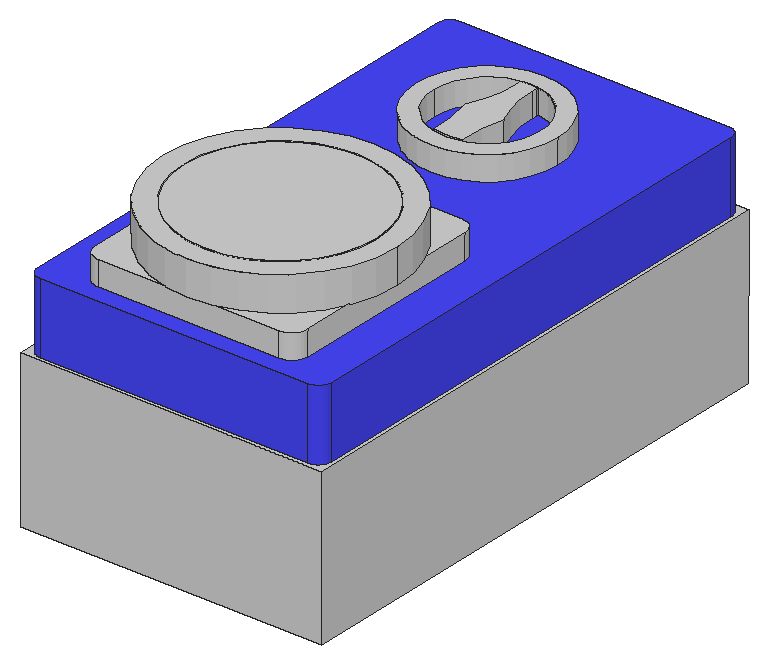
Revit family "Building-ConnessioniIEC309-GEWISS-67IB-PRESE-INTERBLOCCATE_IP67_CON_FONDO_63A", category Apparecchi elettrici, host Superficie, Revit 2019
Family settings
  Host = Superficie
  Mantenere orientamento annotazione = Sì
  Quota connettore circolare = Usa diametro
  Tipo di parte = Normale
  Taglio con vuoti quando caricato = Sì
  Condiviso = Sì
  Punto di calcolo locali = Sì
Parameters (values of type "GW67266N - PR.BL IP67 C.F.3P+N+T 63A 500V 7H SBF")
  vista 2d [instance] = yes
  presa = Giallo
  giallo = 0 mm
  dist_piano [instance] = 27 mm
  Versione file RFA = "21.4"
  URL = "https://www.gewiss.com/it/it"
  Tipologia = "Verticale"
  Termopressione con biglia = "125 °C (Presa IB) - 80 °C (Cassetta di fondo)"
  Tensione nominale: = "480 - 500 V"
  Tensione nominale = "480 - 500 V"
  Temperatura di utilizzo = "-25 +40 °C"
  Temperatura di funzionamento = "-25 ÷ +40 °C"
  Struttura = Grigio RAL - 7035
  Simbolo presa = PRESAINDSTAGNA : 3P
  Simbolo circuito [instance] = not(Simbolo)  # no
  Simbolo [instance] = yes
  Scheda Tecnica = "https://www.gewiss.com/it/it/search?q=GW67266N"
  SEO = "Presa"
  Riferimento h = "7"
  Resistenza agli urti = "IK08"
  Protezione = "NO (SBF)"
  Default Elevation = 1219.2 mm
  Produttore = "GEWISS S.p.A."
  Numero di poli = "3P+N+T"
  N. poli = "3P+N+T"
  Modello = "GW67266N"
  Immagine tipo = F.jpg
  IDT = "a25d3694-d0a1-482b-9cd4-b67b9b60fa6b"
  IDF = "5cabc3db-9b0e-4f85-a9f2-ad60fda3b60e"
  Grado di protezione = "IP67"
  Glow wire test: = "850 °C (Presa IB) - 650 °C (Cassetta di fondo)"
  Glow Wire Test = "850 °C (Presa IB) - 650 °C (Cassetta di fondo)"
  Frequenza nominale (Hz) = "50/60 Hz"
  Frequenza = "50/60 Hz"
  Distanza x [instance] = 500 mm
  Distanza orizzontale simbolo [instance] = 0 mm
  Distanza effettiva x [instance] = 1500 mm - Distanza x  # 1000 mm
  Descrizione = "PR.BL IP67 C.F.3P+N+T 63A 500V 7H SBF"
  Creato da GEWISS S.p.A. = ""
  Corrente nominale (In) = "63"
  Corrente nominale (A) = "63"
  Corpo presa = GEWISS -BLU
  Cornice simbolo [instance] = yes
  Con fondo = "Si"
  Colore: = "Nero"
  Colore = "Nero"
  Codice Electrocod = "2222"
  Codice EAN = "8011564742369"
  Catalogo Serie = "67 IB"
  Catalogo = "BUILDING"
  COBie.Tagnumber = ""
  COBie.CreatedOn = ""
  COBie.CreatebBy = ""
  COBie.ComponentRegisterItemID = ""
  COBie.Component.TagNumber = ""
  COBie.Component.Space = ""
  COBie.Component.SerialNumber = ""
  COBie.Component.InstallationDate = ""
  COBie.Component.Description = ""
  COBie.Component.BarCode = ""
Types (11, lengths in mm): name | Tensione nominale: | Tensione nominale | Scheda Tecnica | Riferimento h | Numero di poli | N. poli | Modello | IDT | Descrizione | Colore: | Colore | Codice EAN
  GW67256N - PR.BL IP67 C.F.2P+T 63A 110V 4H SBF | "100 - 130 V" | "100 - 130 V" | "https://www.gewiss.com/it/it/search?q=GW67256N" | "4" | "2P+T" | "2P+T" | "GW67256N" | "8fdad033-a92a-423d-bc6e-bef3b97897df" | "PR.BL IP67 C.F.2P+T 63A 110V 4H SBF" | "Giallo" | "Giallo" | "8011564742260"
  GW67257N - PR.BL IP67 C.F.3P+T 63A 110V 4H SBF | "100 - 130 V" | "100 - 130 V" | "https://www.gewiss.com/it/it/search?q=GW67257N" | "4" | "3P+T" | "3P+T" | "GW67257N" | "91e21c8c-c76c-4e34-ac3a-9f97cf986669" | "PR.BL IP67 C.F.3P+T 63A 110V 4H SBF" | "Giallo" | "Giallo" | "8011564742277"
  GW67258N - PR.BL IP67 C.F.3P+N+T 63A 110V 4H SBF | "100 - 130 V" | "100 - 130 V" | "https://www.gewiss.com/it/it/search?q=GW67258N" | "4" | "3P+N+T" | "3P+N+T" | "GW67258N" | "631404ad-5649-4120-8917-5fa8497cd763" | "PR.BL IP67 C.F.3P+N+T 63A 110V 4H SBF" | "Giallo" | "Giallo" | "8011564742284"
  GW67259N - PR.BL IP67 C.F.2P+T 63A 230V 6H SBF | "200 - 250 V" | "200 - 250 V" | "https://www.gewiss.com/it/it/search?q=GW67259N" | "6" | "2P+T" | "2P+T" | "GW67259N" | "7ddf4237-16a7-477c-9937-33ebed956893" | "PR.BL IP67 C.F.2P+T 63A 230V 6H SBF" | "Blu" | "Blu" | "8011564742291"
  GW67260N - PR.BL IP67 C.F.3P+T 63A 230V 9H SBF | "200 - 250 V" | "200 - 250 V" | "https://www.gewiss.com/it/it/search?q=GW67260N" | "9" | "3P+T" | "3P+T" | "GW67260N" | "67527fd8-7205-423c-9187-120e1a3945ee" | "PR.BL IP67 C.F.3P+T 63A 230V 9H SBF" | "Blu" | "Blu" | "8011564742307"
  GW67261N - PR.BL IP67 C.F.3P+N+T 63A 230V 9H SBF | "200 - 250 V" | "200 - 250 V" | "https://www.gewiss.com/it/it/search?q=GW67261N" | "9" | "3P+N+T" | "3P+N+T" | "GW67261N" | "055e547c-e120-4819-abdd-465e57ecccb4" | "PR.BL IP67 C.F.3P+N+T 63A 230V 9H SBF" | "Blu" | "Blu" | "8011564742314"
  GW67262N - PR.BL IP67 C.F.2P+T 63A 400V 9H SBF | "380 - 415 V" | "380 - 415 V" | "https://www.gewiss.com/it/it/search?q=GW67262N" | "9" | "2P+T" | "2P+T" | "GW67262N" | "fb7d3f5e-b132-4634-977c-0418e4937dbc" | "PR.BL IP67 C.F.2P+T 63A 400V 9H SBF" | "Rosso" | "Rosso" | "8011564742321"
  GW67263N - PR.BL IP67 C.F.3P+T 63A 400V 6H SBF | "380 - 415 V" | "380 - 415 V" | "https://www.gewiss.com/it/it/search?q=GW67263N" | "6" | "3P+T" | "3P+T" | "GW67263N" | "13e97b7c-4eef-48a1-8beb-254d1d083109" | "PR.BL IP67 C.F.3P+T 63A 400V 6H SBF" | "Rosso" | "Rosso" | "8011564742338"
  GW67264N - PR.BL IP67 C.F.3P+N+T 63A 400V 6H SBF | "380 - 415 V" | "380 - 415 V" | "https://www.gewiss.com/it/it/search?q=GW67264N" | "6" | "3P+N+T" | "3P+N+T" | "GW67264N" | "135a3347-8137-4a4e-a16f-901cfc3f4d26" | "PR.BL IP67 C.F.3P+N+T 63A 400V 6H SBF" | "Rosso" | "Rosso" | "8011564742345"
  GW67265N - PR.BL IP67 C.F.3P+T 63A 500V 7H SBF | "480 - 500 V" | "480 - 500 V" | "https://www.gewiss.com/it/it/search?q=GW67265N" | "7" | "3P+T" | "3P+T" | "GW67265N" | "9ffe0ccf-5cf4-42d7-8c17-889b2288932e" | "PR.BL IP67 C.F.3P+T 63A 500V 7H SBF" | "Nero" | "Nero" | "8011564742352"
  GW67266N - PR.BL IP67 C.F.3P+N+T 63A 500V 7H SBF | "480 - 500 V" | "480 - 500 V" | "https://www.gewiss.com/it/it/search?q=GW67266N" | "7" | "3P+N+T" | "3P+N+T" | "GW67266N" | "a25d3694-d0a1-482b-9cd4-b67b9b60fa6b" | "PR.BL IP67 C.F.3P+N+T 63A 500V 7H SBF" | "Nero" | "Nero" | "8011564742369"
Reference planes
  plane 1 "Centro (Fronte/Retro)": y = 0
  plane 2: z = 0
  plane 3 "Centro (Sinistra/Destra)": x = 0
  plane 4: z = -2
  plane 5: z = 102
  plane 6: x = -1500
  plane 7: x = 0
  plane 8: x = -74.725
  plane 9: y = 132.145
  plane 10: x = 74.725
  plane 11: y = -132.145
  plane 12: z = 25
  plane 13: x = -500
Forms (mm)
  Extrusion 1, solid, material "Grigio RAL - 7035" <- "Struttura"
    sketch origin (0, 0, 0) x (0, 1, 0) y (0, 0, 1)
      loop
        line (-132.145, 102) -> (-132.145, 25) -> (132.145, 25) -> (132.145, 102) -> (-132.145, 102)
    from -74.725 to 74.725
  Extrusion 2, solid, detail levels coarse
    sketch origin (0, 0, 0) x (0, 1, 0) y (0, 0, 1)
      loop
        line (-132.145, 166) -> (-132.145, 102) -> (132.145, 102) -> (132.145, 166) -> (-132.145, 166)
    from -74.725 to 74.725
Lines and regions (mm)
  Masking region 1, visible <- "vista 2d"
    outline origin (0, 0, 0) x (1, 0, 0) y (0, 0, 1)
      loop
        line (-58, 149) -> (58, 149) -> (58, 166) -> (-58, 166) -> (-58, 149)
  Masking region 2, visible <- "vista 2d"
    outline origin (0, 0, 0) x (1, 0, 0) y (0, 0, 1)
      loop
        line (-52.725, 137) -> (52.725, 137) -> (52.725, 149) -> (-52.725, 149) -> (-52.725, 137)
  Masking region 3, visible <- "vista 2d"
    outline origin (0, 0, 0) x (1, 0, 0) y (0, 0, 1)
      loop
        line (-72.725, 102) -> (72.725, 102) -> (72.725, 137) -> (-72.725, 137) -> (-72.725, 102)
Dimensions and locks
  locked: plane 2 to plane 4 at 2
  "dist_piano": plane 12 to plane 4
  plane 3 "Centro (Sinistra/Destra)" to plane 6 = 1500 mm
  locked: nested 1 to plane 9 at 2
  locked: plane 8 to nested 1 at 2
  locked: plane 11 to nested 1 at 2
  locked: nested 1 to plane 10 at 2
  locked: plane 5 to plane 12 at 77
  "Distanza effettiva x": plane 6 to plane 13
  plane 6 to plane 3 "Centro (Sinistra/Destra)" = 1500 mm
  aligned and locked: plane 2 to host face
  aligned and locked: level to host face
  aligned and locked: plane 3 "Centro (Sinistra/Destra)" to nested 1
  aligned and locked: plane 7 to nested 1
  aligned and locked: nested 1 to plane 5
  aligned and locked: Extrusion 1 sketch curve to plane 11
  aligned and locked: Extrusion 1 sketch curve to plane 12
  aligned and locked: Extrusion 1 sketch curve to plane 9
  aligned and locked: Extrusion 1 sketch curve to plane 5
  aligned and locked: Extrusion 1 to plane 8
  aligned and locked: Extrusion 1 to plane 10
  aligned and locked: nested 2 to plane 13
  aligned and locked: Extrusion 2 sketch curve to plane 11
  aligned and locked: Extrusion 2 sketch curve to plane 9
  aligned and locked: Extrusion 2 sketch curve to nested 1
  aligned and locked: Extrusion 2 sketch curve to plane 5
  aligned and locked: Extrusion 2 to plane 8
  aligned and locked: Extrusion 2 to plane 10
  aligned and locked: Masking region 1 sketch curve to nested 1  (x4)
  aligned and locked: Masking region 2 sketch curve to nested 1  (x4)
  aligned and locked: Masking region 3 sketch curve to nested 1  (x3)
  aligned and locked: nested 1 to Masking region 3 sketch curve
  aligned and locked: plane 13 to nested 3
Automatic sketch dimensions
  host sketch curve to host sketch curve = 2438.4 mm  (x2)
Nested families
  nested 1: "67IB PRESE INTERBLOC VERT 63A IP67_base" at (0, 0, 102), type "67IB PRESE INTERBLOC VERT 63A IP67_base", detail levels medium+fine
  nested 2: "PRESAINDSTAGNA" at (-500, 132.145, 0), BORDO ACCESO <- "Cornice simbolo", SIMBOLO ACCESO <- "Simbolo", type <- "Simbolo presa", Distanza dal muro <- "Distanza orizzontale simbolo", type "3P"
    with SIMBOLO ACCESO yes, Distanza dal muro 0 mm, BORDO ACCESO yes
  nested 3: "simbolo_circuito" at (-499.076, 132.145, 0), Distanza dal muro <- "Distanza orizzontale simbolo", SIMBOLO ACCESO <- "Simbolo circuito", type "3P"
    with SIMBOLO ACCESO no, Distanza dal muro 0 mm, BORDO ACCESO yes
Connectors
  electrical at (0, 0.052, 102)
    settings: on nested 1, index 1, voltage 0 V, apparent load 0 VA, apparent load phase1 0 VA, apparent load phase2 0 VA, apparent load phase3 0 VA, power factor 1, load classification "Altro", number of poles 1, system type 31, power factor state 1, is connector primary yes, connector utility no, sub classification motor no, connector description ""
Definition of nested family "67IB PRESE INTERBLOC VERT 63A IP67_base"
  Parameters (values of type "67IB PRESE INTERBLOC VERT 63A IP67_base")
    w = 145.449 mm
    raggio = 47.607 mm
    l = 260.291 mm
    corpo presa = none
    Struttura = none
    Spessore = 30 mm
    Default Elevation = 14 mm
    Presa = none
    Lunghezza = 103 mm
    IFC.TypeObject = ""
    IFC.ExportType = ""
    IFC.ExportAs = ""
    H_da terra = 586.883 mm
    COBie.CreatedOn = ""
    COBie.CreatebBy = ""
    COBie.ComponentRegisterItemID = ""
    COBie.Component.TagNumber = ""
    COBie.Component.Space = ""
    COBie.Component.SerialNumber = ""
    COBie.Component.InstallationDate = ""
    COBie.Component.Description = ""
    COBie.Component.BarCode = ""
    Altezza = 220 mm
  Reference planes
    plane 1 "Centro (Fronte/Retro)": y = 0
    plane 2: z = 0
    plane 3 "Centro (Sinistra/Destra)": x = 0
    plane 4: z = 6.883
    plane 5: z = 10.499
    plane 6 "presa": z = 64
    plane 7: z = 47
    plane 8: z = 35
    plane 9: y = 130.145
    plane 10: y = -130.145
    plane 11: y = -8
    plane 12: x = 72.725
    plane 13: x = -72.725
    plane 14: x = -52.725
    plane 15: x = 52.725
    plane 16: y = -64.397
  Forms (mm)
    Extrusion 1, solid, material <- "Struttura"
      sketch origin (-1.116, -694.604, -30) x (1, 0, 0) y (0, 1, 0)
        loop
          line (-51.609, 678.83) -> (-51.609, 581.482)
          arc (-51.609, 581.482) -> (-49.266, 575.825) -> (-43.609, 573.482) r 8
          line (-43.609, 573.482) -> (45.841, 573.482)
          arc (45.841, 573.482) -> (51.497, 575.825) -> (53.841, 581.482) r 8
          line (53.841, 581.482) -> (53.841, 678.604)
          arc (53.841, 678.604) -> (51.497, 684.26) -> (45.841, 686.604) r 8
          line (45.841, 686.604) -> (-43.612, 686.604)
          arc (-43.612, 686.604) -> (-49.188, 684.34) -> (-51.609, 678.83) r 8
      from 65 to 77
    Extrusion 2, solid, material <- "Presa"
      sketch origin (-1.116, -710.854, -30) x (1, 0, 0) y (0, 1, 0)
        loop
          circle (1.116, 646.456) r 58
        loop
          circle (1.116, 646.456) r 47.607
      from 77 to 94
    Extrusion 3, solid, material <- "Struttura"
      sketch origin (-1.116, -687.104, -30) x (1, 0, 0) y (0, 1, 0)
        loop
          circle (0, 752.384) r 35
        loop
          circle (0, 752.384) r 26.483
      from 65 to 77
    Extrusion 4, solid, material <- "Struttura"
      sketch origin (-1.116, -687.104, -30) x (1, 0, 0) y (0, 1, 0)
        loop
          arc (-9.552, 750.899) -> (-7.429, 739.645) -> (-7.314, 728.193) r 64.983
          arc (-7.314, 728.193) -> (-0.131, 727.067) -> (7.064, 728.115) r 24.316
          arc (7.064, 728.115) -> (7.302, 739.566) -> (9.547, 750.796) r 64.983
          arc (9.547, 750.796) -> (5.519, 762.425) -> (4.215, 774.661) r 54.251
          line (4.215, 774.661) -> (4.25, 777.658)
          arc (4.25, 777.658) -> (3.985, 778.329) -> (3.336, 778.647) r 1
          arc (3.336, 778.647) -> (0.147, 778.794) -> (-3.043, 778.682) r 39.364
          arc (-3.043, 778.682) -> (-3.695, 778.371) -> (-3.967, 777.702) r 1
          line (-3.967, 777.702) -> (-3.964, 774.706)
          arc (-3.964, 774.706) -> (-5.4, 762.483) -> (-9.552, 750.899) r 54.251
      from 65 to 77
    Extrusion 5, solid, material <- "corpo presa"
      sketch origin (-3.616, -699.604, -30) x (1, 0, 0) y (0, 1, 0)
        loop
          arc (76.341, 823.443) -> (74.494, 827.902) -> (70.035, 829.749) r 6.306
          line (70.035, 829.749) -> (-62.803, 829.749)
          arc (-62.803, 829.749) -> (-67.262, 827.902) -> (-69.109, 823.443) r 6.306
          line (-69.109, 823.443) -> (-69.109, 575.973)
          arc (-69.109, 575.973) -> (-67.201, 571.366) -> (-62.594, 569.458) r 6.515
          line (-62.594, 569.458) -> (69.826, 569.458)
          arc (69.826, 569.458) -> (74.432, 571.366) -> (76.341, 575.973) r 6.515
          line (76.341, 575.973) -> (76.341, 823.443)
      from 30 to 65
    Extrusion 6, solid, material <- "Struttura", not visible
      sketch origin (0, 47.014, -580) x (1, 0, 0) y (0, 0, 1)
        loop
          line (-0.408, 691.748) -> (-29.506, 691.748)
          spline (-29.506, 691.748) -> (-30.55, 691.681) -> (-31.576, 691.48) -> (-32.567, 691.148) -> (-33.505, 690.693) -> (-34.375, 690.12) -> (-35.161, 689.441) -> (-35.851, 688.666) -> (-36.432, 687.809) -> (-36.895, 686.885) -> (-37.231, 685.909) -> (-37.435, 684.898) -> (-37.503, 683.87)
          line (-37.503, 683.87) -> (-37.503, 615.12)
          spline (-37.503, 615.12) -> (-37.435, 614.091) -> (-37.231, 613.081) -> (-36.895, 612.105) -> (-36.432, 611.18) -> (-35.851, 610.324) -> (-35.161, 609.549) -> (-34.375, 608.869) -> (-33.505, 608.297) -> (-32.567, 607.841) -> (-31.576, 607.51) -> (-30.55, 607.309) -> (-29.506, 607.241)
          line (-29.506, 607.241) -> (0, 607.241) -> (29.506, 607.241)
          spline (29.506, 607.241) -> (30.55, 607.309) -> (31.576, 607.51) -> (32.567, 607.841) -> (33.505, 608.297) -> (34.375, 608.869) -> (35.161, 609.549) -> (35.851, 610.324) -> (36.432, 611.18) -> (36.895, 612.105) -> (37.231, 613.081) -> (37.435, 614.091) -> (37.503, 615.12)
          line (37.503, 615.12) -> (37.503, 683.87)
          spline (37.503, 683.87) -> (37.435, 684.898) -> (37.231, 685.909) -> (36.895, 686.885) -> (36.432, 687.809) -> (35.851, 688.666) -> (35.161, 689.441) -> (34.375, 690.12) -> (33.505, 690.693) -> (32.567, 691.148) -> (31.576, 691.48) -> (30.55, 691.681) -> (29.506, 691.748)
          line (29.506, 691.748) -> (-0.408, 691.748)
      from 51.991 to 55.821
    Extrusion 7, solid, material <- "Presa", not visible
      sketch origin (0, 47.014, -580) x (1, 0, 0) y (0, 0, 1)
        loop
          circle (0, 646.456) r 46.899
      from 55.821 to 62.709
    Extrusion 8, solid, material <- "Struttura", not visible
      sketch origin (0, 47.014, -580) x (1, 0, 0) y (0, 0, 1)
        loop
          circle (0, 752.384) r 30.831
        loop
          circle (0, 752.384) r 26.483
      from 51.991 to 62.709
    Extrusion 9, solid, material <- "Struttura", not visible
      sketch origin (0, 47.014, -580) x (1, 0, 0) y (0, 0, 1)
        loop
          arc (-9.552, 750.899) -> (-7.429, 739.645) -> (-7.314, 728.193) r 64.983
          arc (-7.314, 728.193) -> (-0.131, 727.067) -> (7.064, 728.115) r 24.316
          arc (7.064, 728.115) -> (7.302, 739.566) -> (9.547, 750.796) r 64.983
          arc (9.547, 750.796) -> (5.519, 762.425) -> (4.215, 774.661) r 54.251
          line (4.215, 774.661) -> (4.25, 777.658)
          arc (4.25, 777.658) -> (3.985, 778.329) -> (3.336, 778.647) r 1
          arc (3.336, 778.647) -> (0.147, 778.794) -> (-3.043, 778.682) r 39.364
          arc (-3.043, 778.682) -> (-3.695, 778.371) -> (-3.967, 777.702) r 1
          line (-3.967, 777.702) -> (-3.964, 774.706)
          arc (-3.964, 774.706) -> (-5.4, 762.483) -> (-9.552, 750.899) r 54.251
      from 51.991 to 62.709
    Extrusion 10, solid, material <- "corpo presa", not visible
      sketch origin (0, 47.014, -580) x (1, 0, 0) y (0, 0, 1)
        loop
          arc (47.884, 796.962) -> (46.037, 801.42) -> (41.578, 803.267) r 6.306
          line (41.578, 803.267) -> (-41.578, 803.267)
          arc (-41.578, 803.267) -> (-46.037, 801.42) -> (-47.884, 796.962) r 6.306
          line (-47.884, 796.962) -> (-47.884, 597.014)
          arc (-47.884, 597.014) -> (-45.976, 592.407) -> (-41.369, 590.499) r 6.515
          line (-41.369, 590.499) -> (41.369, 590.499)
          arc (41.369, 590.499) -> (45.976, 592.407) -> (47.884, 597.014) r 6.515
          line (47.884, 597.014) -> (47.884, 796.962)
      from 30 to 51.991
    Extrusion 11, solid, material <- "Struttura"
      sketch origin (0, 0, 0) x (1, 0, 0) y (0, 1, 0)
        loop
          circle (0, -64.397) r 47.607
      from 47 to 64
  Lines and regions (mm)
    symbolic lines
      curve 1: line (-47.607, -64.397, 64) -> (47.607, -64.397, 64)
      curve 2: line (0, -16.791, 64) -> (0, -112.004, 64)
  Dimensions and locks
    locked: plane 5 to plane 4 at 3.616
    Extrusion 5 sketch curve to Extrusion 5 sketch curve = 145.449 mm
    plane 6 "presa" to plane 2 = 64 mm
    locked: plane 7 to plane 6 "presa" at 17
    plane 8 to plane 2 = 35 mm
    locked: plane 8 to plane 7 at 12
    equal spacing: plane 10, plane 1 "Centro (Fronte/Retro)", plane 9
    "l": plane 10 to plane 9
    locked: plane 1 "Centro (Fronte/Retro)" to plane 11 at 8
    equal spacing: plane 13, plane 3 "Centro (Sinistra/Destra)", plane 12
    "w": plane 13 to plane 12
    locked: plane 13 to plane 14 at 20
    plane 15 to plane 12 = 20 mm
    equal spacing: plane 14, plane 3 "Centro (Sinistra/Destra)", plane 15
    radius of Extrusion 5 sketch curve = 6.306 mm  (x2)
    radius of Extrusion 5 sketch curve = 6.515 mm  (x2)
    radius of Extrusion 1 sketch curve = 8 mm  (x3)
    "raggio": radius of Extrusion 11 sketch curve
    "raggio": radius of Extrusion 2 sketch curve
    aligned and locked: level to plane 2
    aligned and locked: Extrusion 3 to Extrusion 5
    aligned and locked: Extrusion 4 to Extrusion 3
    aligned and locked: Extrusion 3 to Extrusion 4
    aligned and locked: Extrusion 2 to Extrusion 1
    aligned and locked: Extrusion 5 to level
    aligned and locked: plane 6 "presa" to Extrusion 2
    aligned and locked: Extrusion 11 to Extrusion 1
    aligned and locked: plane 6 "presa" to Extrusion 11
    aligned and locked: Extrusion 1 to plane 7
    aligned and locked: Extrusion 5 to plane 8
    aligned and locked: plane 8 to Extrusion 1
    aligned and locked: Extrusion 3 to plane 7
    aligned and locked: plane 10 to Extrusion 5
    aligned and locked: Extrusion 5 to plane 9
    aligned and locked: Extrusion 5 sketch curve to plane 13
    aligned and locked: plane 14 to Extrusion 1 sketch curve
    aligned and locked: Extrusion 1 sketch curve to plane 15
    aligned and locked: plane 3 "Centro (Sinistra/Destra)" to Extrusion 2 sketch curve  (x2)
    aligned and locked: plane 16 to Extrusion 2 sketch curve  (x2)
    aligned and locked: curve 1 to plane 16
    aligned and locked: curve 2 to plane 3 "Centro (Sinistra/Destra)"
  Automatic sketch dimensions
    Extrusion 3 sketch curve to Extrusion 3 sketch curve = 0 mm  (x2)
    Extrusion 3 sketch curve to plane 3 "Centro (Sinistra/Destra)" = 1.116 mm
    Extrusion 3 sketch curve to plane 1 "Centro (Fronte/Retro)" = 65.28 mm
    Extrusion 4 sketch curve to plane 1 "Centro (Fronte/Retro)" = 46.167 mm
    Extrusion 4 sketch curve to plane 3 "Centro (Sinistra/Destra)" = 73.214 mm
    Extrusion 4 sketch curve to Extrusion 4 sketch curve = 13.883 mm
    Extrusion 4 sketch curve to plane 3 "Centro (Sinistra/Destra)" = 5.083 mm
    Extrusion 4 sketch curve to Extrusion 4 sketch curve = 0.003 mm
    Extrusion 4 sketch curve to Extrusion 4 sketch curve = 1 mm  (x2)
    Extrusion 4 sketch curve to plane 3 "Centro (Sinistra/Destra)" = 1.18 mm
    Extrusion 4 sketch curve to plane 3 "Centro (Sinistra/Destra)" = 1.116 mm
    plane 3 "Centro (Sinistra/Destra)" to Extrusion 4 sketch curve = 2.134 mm
    plane 3 "Centro (Sinistra/Destra)" to Extrusion 4 sketch curve = 3.099 mm
    Extrusion 4 sketch curve to Extrusion 4 sketch curve = 54.25 mm
    Extrusion 4 sketch curve to Extrusion 4 sketch curve = 13.435 mm
    Extrusion 4 sketch curve to plane 1 "Centro (Fronte/Retro)" = 45.393 mm
    Extrusion 4 sketch curve to plane 1 "Centro (Fronte/Retro)" = 52.327 mm
    Extrusion 4 sketch curve to Extrusion 4 sketch curve = 11.953 mm
    Extrusion 4 sketch curve to Extrusion 4 sketch curve = 41.757 mm
    Extrusion 4 sketch curve to Extrusion 4 sketch curve = 23.278 mm
    Extrusion 4 sketch curve to Extrusion 4 sketch curve = 0.044 mm
    Extrusion 4 sketch curve to Extrusion 4 sketch curve = 41.61 mm
    Extrusion 4 sketch curve to Extrusion 4 sketch curve = 2.99 mm
    Extrusion 4 sketch curve to Extrusion 4 sketch curve = 0.007 mm
    Extrusion 4 sketch curve to Extrusion 4 sketch curve = 2.979 mm
    Extrusion 4 sketch curve to Extrusion 4 sketch curve = 0.018 mm
    Extrusion 4 sketch curve to Extrusion 4 sketch curve = 9.552 mm
    Extrusion 4 sketch curve to plane 3 "Centro (Sinistra/Destra)" = 8.43 mm
    Extrusion 4 sketch curve to Extrusion 4 sketch curve = 0 mm
    plane 3 "Centro (Sinistra/Destra)" to Extrusion 4 sketch curve = 5.949 mm
    plane 9 to Extrusion 5 sketch curve = 0 mm
    plane 10 to Extrusion 5 sketch curve = 0 mm
    Extrusion 1 sketch curve to plane 11 = 0 mm
    Extrusion 1 sketch curve to Extrusion 1 sketch curve = 7.997 mm
    Extrusion 1 sketch curve to Extrusion 1 sketch curve = 8 mm
    Extrusion 1 sketch curve to plane 10 = 9.024 mm
    curve 2 to plane 11 = 8.791 mm
    curve 2 to plane 10 = 18.141 mm
    curve 1 to plane 14 = 5.118 mm
    curve 1 to plane 15 = 5.118 mm
    Extrusion 11 sketch curve to plane 3 "Centro (Sinistra/Destra)" = 0 mm
    Extrusion 11 sketch curve to plane 16 = 0 mm
    radius of Extrusion 3 sketch curve = 35 mm
    radius of Extrusion 3 sketch curve = 26.483 mm
    radius of Extrusion 2 sketch curve = 58 mm
Definition of nested family "PRESAINDSTAGNA"
  Parameters (values of type "3P")
    SIMBOLO ACCESO [instance] = yes
    SIMBOLO = PRESAINDSTAGNA_BASE : 3P
    Distanza dal muro [instance] = 0 mm
    BORDO ACCESO [instance] = yes
  Types (2): name
    2P
    3P
  Reference planes
    plane 1: y = 0
    plane 2: x = 0
  Dimensions and locks
    "Distanza dal muro": plane 1 to nested 1
    aligned and locked: plane 2 to nested 1
  Nested families
    nested 1: "PRESAINDSTAGNA_BASE" at (0, 0, 0), type <- "SIMBOLO", CORNICE SIMBOLO <- "BORDO ACCESO", visible <- "SIMBOLO ACCESO", type "3P"
  Definition of nested family "PRESAINDSTAGNA_BASE"
    Parameters (values of type "3P")
      CORNICE SIMBOLO [instance] = yes
      3P = yes
    Types (2, lengths in mm): name | 3P
      3P | yes
      2P | no
    Reference planes
      plane 1: y = 0
      plane 2: x = 0
    Lines and regions (mm)
      detail lines, not visible
        curve 1: line (-2.443, 10.208, 0) -> (2.057, 10.208, 0)
        curve 2: line (2.057, 10.208, 0) -> (2.057, 4.208, 0)
        curve 3: line (2.057, 4.208, 0) -> (-2.443, 4.208, 0)
        curve 4: line (-2.443, 4.208, 0) -> (-2.443, 10.208, 0)
        curve 5: line (-2.043, 9.808, 0) -> (1.657, 9.808, 0)
        curve 6: line (1.657, 9.808, 0) -> (1.657, 4.608, 0)
        curve 7: line (1.657, 4.608, 0) -> (-2.043, 4.608, 0)
        curve 8: line (-2.043, 4.608, 0) -> (-2.043, 9.808, 0)
      detail lines
        curve 9: line (-0.333, 0.928, 0) -> (-0.05, 0.928, 0)
        curve 10: line (-0.05, 0.928, 0) -> (0.417, 1.737, 0)
        curve 11: line (0.417, 1.737, 0) -> (0.764, 1.537, 0)
        curve 12: line (-0.05, 0.928, 0) -> (-0.333, 0.437, 0)
        curve 13: line (-0.333, 0.437, 0) -> (-0.333, 2.059, 0)
        curve 14: line (0.222, 1.399, 0) -> (0.569, 1.199, 0)
        curve 15: line (-0.723, 0.437, 0) -> (0.057, 0.437, 0)
        curve 16: line (-0.333, 0.81, 0) -> (-0.216, 0.928, 0)
        curve 17: line (-0.333, 0.741, 0) -> (-0.147, 0.928, 0)
        curve 18: line (-0.333, 0.672, 0) -> (-0.078, 0.928, 0)
        curve 19: line (-0.333, 0.603, 0) -> (-0.106, 0.831, 0)
        curve 20: line (-0.333, 0.534, 0) -> (-0.2, 0.668, 0)
        curve 21: arc (-0.723, 0.047, 0) -> (-0.333, 0.437, 0) -> (0.057, 0.047, 0) r 0.39
        curve 22: line (-0.8, 2.1, 0) -> (0.8, 2.1, 0)
        curve 23: line (-0.8, 0, 0) -> (-0.8, 2.1, 0)
        curve 24: line (0.8, 0, 0) -> (-0.8, 0, 0)
        curve 25: line (0.8, 2.1, 0) -> (0.8, 0, 0)
Definition of nested family "simbolo_circuito"
  Parameters (values of type "3P")
    SIMBOLO ACCESO [instance] = yes
    SIMBOLO = PRESAINDSTAGNA_BASE : 3P
    Distanza dal muro [instance] = 0 mm
    BORDO ACCESO [instance] = yes
  Reference planes
    plane 1: y = 0
    plane 2: x = 0
  Dimensions and locks
    "Distanza dal muro": plane 1 to nested 1
    aligned and locked: plane 2 to nested 1
  Nested families
    nested 1: "simb_base_di circuito" at (0, 0, 0), visible <- "SIMBOLO ACCESO", type "3P"
      with CORNICE SIMBOLO yes
  Definition of nested family "simb_base_di circuito"
    Parameters (values of type "3P")
      CORNICE SIMBOLO [instance] = yes
      3P = yes
    Types (2, lengths in mm): name | 3P
      3P | yes
      2P | no
    Reference planes
      plane 1: y = 0
      plane 2: x = 0
    Lines and regions (mm)
      detail lines, not visible
        curve 1: line (-2.443, 10.208, 0) -> (2.057, 10.208, 0)
        curve 2: line (2.057, 10.208, 0) -> (2.057, 4.208, 0)
        curve 3: line (2.057, 4.208, 0) -> (-2.443, 4.208, 0)
        curve 4: line (-2.443, 4.208, 0) -> (-2.443, 10.208, 0)
        curve 5: line (-2.043, 9.808, 0) -> (1.657, 9.808, 0)
        curve 6: line (1.657, 9.808, 0) -> (1.657, 4.608, 0)
        curve 7: line (1.657, 4.608, 0) -> (-2.043, 4.608, 0)
        curve 8: line (-2.043, 4.608, 0) -> (-2.043, 9.808, 0)
    Dimensions and locks
      aligned and locked: import instance to plane 2
      aligned and locked: plane 1 to import instance
